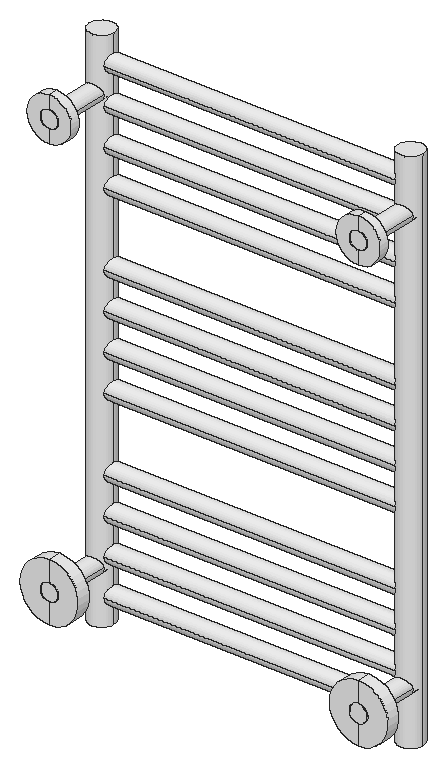
Revit family "ML-3", category Generic Models, host Wall, Revit 2017
Family settings
  Host = Wall
  Can host rebar = No
  Round Connector Dimension = Use Diameter
  Part Type = Normal
  Always vertical = Yes
  Cut with Voids When Loaded = No
  Shared = No
  Room Calculation Point = No
Parameters (values of type "350")
  URL = "http://www.sentakia.com/vesikiertoiset-pyyhekuivaimet/"
  Teho = "kromi: 112 W maalattu: 146 W"
  Sentakia_Material_Default = Stainless Steel, Polished_sentakia
  RAL-väri [instance] = no
  RAL-koodi [instance] = ""
  Model = "ML-3/350"
  Materiaali = "kromattu messinki (CuZn36As)"
  Manufacturer = "Sentakia Oy"
  Leveys = 350 mm
  LVI = "5487500"
  Keynote = "6120"
  Height = 600 mm  # constant formula
  EAN = "4770046008266"
  Depth = 88 mm  # constant formula
  Assembly Code = ""
Types (3, lengths in mm): name | Teho | Model | Leveys | LVI | EAN
  350 | "kromi: 112 W maalattu: 146 W" | "ML-3/350" | 350 | "5487500" | "4770046008266"
  500 | "kromi: 150 W maalattu: 195 W" | "ML-3/500" | 500 | "5487501" | "4770046008273"
  600 | "kromi: 165 W maalattu: 215 W" | "ML-3/600" | 600 | "5487502" | "4770046008280"
Reference planes
  plane 1 "Wall": y = 0
  plane 2 "Center (Left/Right)": x = 125
  plane 3 "Back": y = 75
  plane 4: z = 1860
  plane 5: y = 163
  plane 6: y = 135
  plane 7 "Center of lower handler": z = 1320
  plane 8: z = 1800
  plane 9: z = 1330
  plane 10: z = 1310
  plane 11 "r": x = 300
  plane 12 "l": x = -50
  plane 13: y = 149
  plane 14: y = 159
  plane 15: y = 139
  plane 16 "Tikas 6": z = 1622.308
  plane 17 "Tikas 8": z = 1539.231
  plane 18 "Tikas9": z = 1497.692
  plane 19 "Bottom": z = 1260
  plane 20 "Tikas 7": z = 1580.769
  plane 21 "Tikas 3": z = 1746.923
  plane 22 "Tikas 1": z = 1830
  plane 23 "Tikas 4": z = 1705.385
  plane 24 "Tikas 2": z = 1788.462
  plane 25 "Tikas 5": z = 1663.846
  plane 26 "Tikas10": z = 1456.154
  plane 27 "Tikas 11": z = 1414.615
  plane 28 "Tikas 12": z = 1373.077
  plane 29 "Tikas 13": z = 1331.538
  plane 30 "Tikas 14": z = 1290
Forms (mm)
  Extrusion 1, solid, material "Stainless Steel, Polished_sentakia" <- "Sentakia_Material_Default", detail levels medium+fine
    sketch origin (0, 0, 0) x (1, 0, 0) y (0, 0, 1)
      loop
        circle (300, 1320) r 10
    from -149 to -75
  Extrusion 2, solid, material "Stainless Steel, Polished_sentakia" <- "Sentakia_Material_Default", detail levels medium+fine
    sketch origin (0, 0, 0) x (1, 0, 0) y (0, 0, 1)
      loop
        circle (-50, 1320) r 10
    from -149 to -75
  Extrusion 3, solid, material "Stainless Steel, Polished_sentakia" <- "Sentakia_Material_Default", detail levels medium+fine
    sketch origin (0, 0, 310) x (1, 0, 0) y (0, 0, 1)
      loop
        circle (-50, 1490) r 10
    from -149 to -75
  Extrusion 4, solid, material "Stainless Steel, Polished_sentakia" <- "Sentakia_Material_Default", detail levels medium+fine
    sketch origin (0, 0, 0) x (1, 0, 0) y (0, 1, 0)
      loop
        circle (-50, 149) r 14
    from 1260 to 1860
  Extrusion 5, solid, material "Stainless Steel, Polished_sentakia" <- "Sentakia_Material_Default", detail levels medium+fine
    sketch origin (0, 0, 0) x (1, 0, 0) y (0, 1, 0)
      loop
        circle (300, 149) r 14
    from 1260 to 1860
  Revolve 6, solid, material "Stainless Steel, Polished_sentakia" <- "Sentakia_Material_Default", detail levels medium+fine
    sketch origin (300, 0, 0) x (0, 0, 1) y (0, 1, 0)
      loop
        line (1330, 75.434) -> (1353, 75.434) -> (1353, 90.434) -> (1330, 100.434) -> (1330, 75.434)
      axis (1320, 75.434) -> (1320, 100.434)
    angle from 0 to 360
  Revolve 7, solid, material "Stainless Steel, Polished_sentakia" <- "Sentakia_Material_Default", detail levels medium+fine
    sketch origin (-50, 0, 0) x (0, 0, 1) y (0, 1, 0)
      loop
        line (1330, 75) -> (1353, 75) -> (1353, 90) -> (1330, 100) -> (1330, 75)
      axis (1320, 75) -> (1320, 100)
    angle from 0 to 360
  Extrusion 8, solid, material "Stainless Steel, Polished_sentakia" <- "Sentakia_Material_Default", detail levels medium+fine
    sketch origin (125, 0, 0) x (0, 1, 0) y (0, 0, 1)
      loop
        circle (149, 1622.308) r 10
    from -175 to 175
  Extrusion 9, solid, material "Stainless Steel, Polished_sentakia" <- "Sentakia_Material_Default", detail levels medium+fine
    sketch origin (125, 0, -160) x (0, 1, 0) y (0, 0, 1)
      loop
        circle (149, 1699.231) r 10
    from -175 to 175
  Extrusion 10, solid, material "Stainless Steel, Polished_sentakia" <- "Sentakia_Material_Default", detail levels medium+fine
    sketch origin (125, 0, -320) x (0, 1, 0) y (0, 0, 1)
      loop
        circle (149, 1817.692) r 10
    from -175 to 175
  Revolve 11, solid, material "Stainless Steel, Polished_sentakia" <- "Sentakia_Material_Default", detail levels medium+fine
    sketch origin (300, 0, 0) x (0, 0, 1) y (0, 1, 0)
      loop
        line (1810, 75) -> (1825, 75) -> (1825, 85) -> (1810, 85) -> (1810, 75)
      axis (1800, 75) -> (1800, 85)
    angle from 0 to 360
  Revolve 12, solid, material "Stainless Steel, Polished_sentakia" <- "Sentakia_Material_Default", detail levels medium+fine
    sketch origin (-50, 0, 0) x (0, 0, 1) y (0, 1, 0)
      loop
        line (1810, 75) -> (1825, 75) -> (1825, 85) -> (1810, 85) -> (1810, 75)
      axis (1800, 75) -> (1800, 85)
    angle from 0 to 360
  Extrusion 13, solid, material "Stainless Steel, Polished_sentakia" <- "Sentakia_Material_Default", detail levels medium+fine
    sketch origin (0, 0, 0) x (1, 0, 0) y (0, 0, 1)
      loop
        circle (300, 1800) r 10
    from -149 to -75
  Extrusion 14, solid, material "Stainless Steel, Polished_sentakia" <- "Sentakia_Material_Default", detail levels coarse
    sketch origin (125, 0, 0) x (0, 1, 0) y (0, 0, 1)
      loop
        line (163, 1860) -> (75, 1860) -> (75, 1260) -> (163, 1260) -> (163, 1860)
    from -175 to 175
  Extrusion 15, solid, material "Stainless Steel, Polished_sentakia" <- "Sentakia_Material_Default", detail levels medium+fine
    sketch origin (125, 0, 22.057) x (0, 1, 0) y (0, 0, 1)
      loop
        circle (149, 1558.712) r 10
    from -175 to 175
  Extrusion 16, solid, material "Stainless Steel, Polished_sentakia" <- "Sentakia_Material_Default", detail levels medium+fine
    sketch origin (125, 0, 153.333) x (0, 1, 0) y (0, 0, 1)
      loop
        circle (149, 1593.59) r 10
    from -175 to 175
  Extrusion 17, solid, material "Stainless Steel, Polished_sentakia" <- "Sentakia_Material_Default", detail levels medium+fine
    sketch origin (125, 0, 306.667) x (0, 1, 0) y (0, 0, 1)
      loop
        circle (149, 1523.333) r 10
    from -175 to 175
  Extrusion 18, solid, material "Stainless Steel, Polished_sentakia" <- "Sentakia_Material_Default", detail levels medium+fine
    sketch origin (125, 0, 213.333) x (0, 1, 0) y (0, 0, 1)
      loop
        circle (149, 1575.128) r 10
    from -175 to 175
  Extrusion 19, solid, material "Stainless Steel, Polished_sentakia" <- "Sentakia_Material_Default", detail levels medium+fine
    sketch origin (125, 0, 73.333) x (0, 1, 0) y (0, 0, 1)
      loop
        circle (149, 1632.051) r 10
    from -175 to 175
  Extrusion 20, solid, material "Stainless Steel, Polished_sentakia" <- "Sentakia_Material_Default", detail levels medium+fine
    sketch origin (125, 0, -520) x (0, 1, 0) y (0, 0, 1)
      loop
        circle (149, 1934.615) r 10
    from -175 to 175
  Extrusion 21, solid, material "Stainless Steel, Polished_sentakia" <- "Sentakia_Material_Default", detail levels medium+fine
    sketch origin (125, 0, -550) x (0, 1, 0) y (0, 0, 1)
      loop
        circle (149, 1923.077) r 10
    from -175 to 175
  Extrusion 22, solid, material "Stainless Steel, Polished_sentakia" <- "Sentakia_Material_Default", detail levels medium+fine
    sketch origin (125, 0, -575) x (0, 1, 0) y (0, 0, 1)
      loop
        circle (149, 1906.538) r 10
    from -175 to 175
  Extrusion 23, solid, material "Stainless Steel, Polished_sentakia" <- "Sentakia_Material_Default", detail levels medium+fine
    sketch origin (125, 0, -630) x (0, 1, 0) y (0, 0, 1)
      loop
        circle (149, 1920) r 10
    from -175 to 175
Cuts and joins
  joined: Extrusion 4, Extrusion 5, Extrusion 8, Extrusion 9, Extrusion 10, Extrusion 15, Extrusion 16, Extrusion 17, Extrusion 18, Extrusion 19, Extrusion 20, Extrusion 21, Extrusion 22, Extrusion 23
Text (mm)
  text "Placement Side" at (-1848.837, 1116.779, 0), in view "Ref. Level"
  text "Placement side" at (0, 1409.804, 2854.306), in view "Left"
  text "Placement side" at (0, 499.811, 2980.732), in view "Right"
Dimensions and locks
  locked: plane 3 "Back" to host wall
  "Depth": plane 5 to host wall
  locked: plane 5 to plane 6 at 28
  "Leveys": plane 12 "l" to plane 11 "r"
  plane 8 to level = 1800 mm
  locked: host wall to plane 13 at 74
  locked: plane 14 to plane 15 at 20
  plane 19 "Bottom" to plane 7 "Center of lower handler" = 60 mm
  plane 4 to plane 8 = 60 mm
  plane 8 to plane 7 "Center of lower handler" = 480 mm
  equal spacing: plane 12 "l", plane 2 "Center (Left/Right)", plane 11 "r"
  "Height": plane 19 "Bottom" to plane 4
  equal spacing: plane 30 "Tikas 14", plane 29 "Tikas 13", plane 28 "Tikas 12", plane 27 "Tikas 11", plane 26 "Tikas10", plane 18 "Tikas9", plane 17 "Tikas 8", plane 20 "Tikas 7", plane 16 "Tikas 6", plane 25 "Tikas 5", plane 23 "Tikas 4", plane 21 "Tikas 3", plane 24 "Tikas 2", plane 22 "Tikas 1"
  plane 7 "Center of lower handler" to plane 8 = 480 mm
  locked: plane 19 "Bottom" to plane 7 "Center of lower handler" at 60
  locked: plane 19 "Bottom" to plane 30 "Tikas 14" at 30
  locked: plane 8 to plane 4 at 60
  aligned and locked: plane 1 "Wall" to host wall
  aligned and locked: Extrusion 1 to host wall
  aligned and locked: Extrusion 2 to host wall
  aligned and locked: Extrusion 3 to host wall
  aligned and locked: Extrusion 2 to plane 13
  aligned and locked: Extrusion 1 to Extrusion 2
  aligned and locked: plane 4 to Extrusion 4
  aligned and locked: plane 4 to Extrusion 5
  aligned and locked: plane 12 "l" to Extrusion 8
  aligned and locked: Extrusion 8 to plane 11 "r"
  aligned and locked: Extrusion 10 to plane 11 "r"
  aligned and locked: plane 12 "l" to Extrusion 10
  aligned and locked: Extrusion 9 to plane 11 "r"
  aligned and locked: plane 12 "l" to Extrusion 9
  aligned and locked: Revolve 11 sketch curve to plane 8
  aligned and locked: Revolve 12 sketch curve to plane 8
  aligned and locked: Extrusion 13 to host wall
  aligned and locked: plane 12 "l" to Extrusion 3 sketch curve
  aligned and locked: plane 7 "Center of lower handler" to Revolve 7 sketch curve
  aligned and locked: Revolve 6 sketch curve to plane 7 "Center of lower handler"
  aligned and locked: plane 11 "r" to Extrusion 13 sketch curve
  aligned and locked: plane 8 to Extrusion 13 sketch curve
  aligned and locked: Extrusion 3 to Extrusion 13
  aligned and locked: Extrusion 13 to plane 13
  aligned and locked: plane 3 "Back" to Revolve 7
  aligned and locked: cut or joined group 1 (Extrusion 4, Extrusion 5, Extrusion 8, Extrusion 9, Extrusion 10, Extrusion 15, Extrusion 16, Extrusion 17, Extrusion 18, Extrusion 19, Extrusion 20, Extrusion 21, Extrusion 22, Extrusion 23) to plane 19 "Bottom"  (x2)
  aligned and locked: plane 4 to Extrusion 14
  aligned and locked: Extrusion 14 to cut or joined group 1
  aligned and locked: Extrusion 14 to plane 11 "r"
  aligned and locked: plane 12 "l" to Extrusion 14
  aligned and locked: Extrusion 14 to host wall
  aligned and locked: Extrusion 15 to plane 11 "r"
  aligned and locked: plane 12 "l" to Extrusion 15
  aligned and locked: plane 12 "l" to Extrusion 16
  aligned and locked: Extrusion 16 to plane 11 "r"
  aligned and locked: Extrusion 17 to plane 11 "r"
  aligned and locked: plane 12 "l" to Extrusion 17
  aligned and locked: Extrusion 19 to plane 11 "r"
  aligned and locked: plane 12 "l" to Extrusion 19
  aligned and locked: Extrusion 18 to plane 11 "r"
  aligned and locked: plane 12 "l" to Extrusion 18
  aligned and locked: Extrusion 20 to plane 11 "r"
  aligned and locked: Extrusion 21 to plane 11 "r"
  aligned and locked: Extrusion 22 to plane 11 "r"
  aligned and locked: Extrusion 23 to plane 11 "r"
  aligned and locked: plane 12 "l" to Extrusion 23
  aligned and locked: plane 12 "l" to Extrusion 22
  aligned and locked: plane 12 "l" to Extrusion 21
  aligned and locked: plane 12 "l" to Extrusion 20
Automatic sketch dimensions
  Extrusion 1 sketch curve to plane 7 "Center of lower handler" = 0 mm
  plane 11 "r" to Extrusion 1 sketch curve = 0 mm
  Extrusion 2 sketch curve to plane 7 "Center of lower handler" = 0 mm
  plane 12 "l" to Extrusion 2 sketch curve = 0 mm
  Extrusion 3 sketch curve to plane 8 = 0 mm
  Extrusion 4 sketch curve to plane 12 "l" = 0 mm
  plane 13 to Extrusion 4 sketch curve = 0 mm
  Extrusion 5 sketch curve to plane 11 "r" = 0 mm
  plane 13 to Extrusion 5 sketch curve = 0 mm
  Extrusion 8 sketch curve to plane 13 = 0 mm
  Extrusion 8 sketch curve to plane 16 "Tikas 6" = 0 mm
  Extrusion 9 sketch curve to plane 13 = 0 mm
  Extrusion 9 sketch curve to plane 17 "Tikas 8" = 0 mm
  Extrusion 10 sketch curve to plane 13 = 0 mm
  plane 18 "Tikas9" to Extrusion 10 sketch curve = 0 mm
  Revolve 11 sketch curve to host wall = 0 mm  (x2)
  plane 8 to Revolve 11 sketch curve = 10 mm
  Revolve 11 sketch curve to plane 22 "Tikas 1" = 5 mm
  host wall to Revolve 11 sketch curve = 10 mm
  plane 6 to Revolve 11 sketch curve = 20 mm
  Revolve 12 sketch curve to host wall = 0 mm  (x2)
  Revolve 12 sketch curve to Revolve 12 sketch curve = 10 mm
  Revolve 12 sketch curve to plane 22 "Tikas 1" = 5 mm
  host wall to Revolve 12 sketch curve = 10 mm
  plane 6 to Revolve 12 sketch curve = 20 mm
  Extrusion 14 sketch curve to host wall = 0 mm
  Extrusion 14 sketch curve to plane 5 = 0 mm
  Extrusion 14 sketch curve to plane 19 "Bottom" = 0 mm
  Extrusion 14 sketch curve to plane 4 = 0 mm
  Extrusion 15 sketch curve to plane 13 = 0 mm
  Extrusion 15 sketch curve to plane 20 "Tikas 7" = 0 mm
  Extrusion 16 sketch curve to plane 13 = 0 mm
  Extrusion 16 sketch curve to plane 21 "Tikas 3" = 0 mm
  Extrusion 17 sketch curve to plane 13 = 0 mm
  Extrusion 17 sketch curve to plane 22 "Tikas 1" = 0 mm
  Extrusion 18 sketch curve to plane 13 = 0 mm
  Extrusion 18 sketch curve to plane 24 "Tikas 2" = 0 mm
  Extrusion 19 sketch curve to plane 13 = 0 mm
  Extrusion 19 sketch curve to plane 23 "Tikas 4" = 0 mm
  Extrusion 21 sketch curve to plane 13 = 0 mm
  Extrusion 21 sketch curve to plane 28 "Tikas 12" = 0 mm
  Extrusion 22 sketch curve to plane 13 = 0 mm
  Extrusion 22 sketch curve to plane 29 "Tikas 13" = 0 mm
  Extrusion 23 sketch curve to plane 13 = 0 mm
  Extrusion 23 sketch curve to plane 30 "Tikas 14" = 0 mm
  Extrusion 20 sketch curve to plane 13 = 0 mm
  Extrusion 20 sketch curve to plane 27 "Tikas 11" = 0 mm
  Revolve 7 sketch curve to plane 9 = 0 mm
  Revolve 7 sketch curve to host wall = 0 mm
  Revolve 7 sketch curve to plane 28 "Tikas 12" = 20.077 mm
  host wall to Revolve 7 sketch curve = 15 mm
  Revolve 7 sketch curve to host wall = 0.781 mm
  host wall to Revolve 7 sketch curve = 25 mm
  plane 6 to Revolve 7 sketch curve = 13.43 mm
  Revolve 6 sketch curve to plane 9 = 0 mm
  Revolve 6 sketch curve to plane 28 "Tikas 12" = 20.077 mm
  host wall to Revolve 6 sketch curve = 0.434 mm
  Revolve 6 sketch curve to Revolve 6 sketch curve = 15 mm
  Revolve 6 sketch curve to host wall = 0.781 mm
  Revolve 6 sketch curve to Revolve 6 sketch curve = 25 mm
  plane 6 to Revolve 6 sketch curve = 13.43 mm
  radius of Extrusion 1 sketch curve = 10 mm
  radius of Extrusion 2 sketch curve = 10 mm
  radius of Extrusion 3 sketch curve = 10 mm
  radius of Extrusion 4 sketch curve = 14 mm
  radius of Extrusion 5 sketch curve = 14 mm
  radius of Extrusion 8 sketch curve = 10 mm
  radius of Extrusion 9 sketch curve = 10 mm
  radius of Extrusion 10 sketch curve = 10 mm
  radius of Extrusion 13 sketch curve = 10 mm
  radius of Extrusion 15 sketch curve = 10 mm
  radius of Extrusion 16 sketch curve = 10 mm
  radius of Extrusion 17 sketch curve = 10 mm
  radius of Extrusion 18 sketch curve = 10 mm
  radius of Extrusion 19 sketch curve = 10 mm
  radius of Extrusion 21 sketch curve = 10 mm
  radius of Extrusion 22 sketch curve = 10 mm
  radius of Extrusion 23 sketch curve = 10 mm
  radius of Extrusion 20 sketch curve = 10 mm
Connectors
  piping at (300, 75, 1320), diameter 12
    settings: on Extrusion 1, index 1, connector inside diameter 609.6 mm, connector length 0 mm, flow factor 0, pipe flow 0.0 L/s, pressure drop 0.0 Pa, fitting loss kfactor 0, connector angle 0.00°, fixture units 0, engagement length 0 mm, angle of deflection 0.00°, flow configuration 0, flow direction 0, fitting loss method 0, system type 22, joint type 0, gender type 0, connector reference index -1, connector utility 0, adjustable connector no, is connector primary yes, connector description ""
  piping at (300, 75, 1320), diameter 12
    settings: on Extrusion 1, index 2, connector inside diameter 609.6 mm, connector length 0 mm, flow factor 0, pipe flow 0.0 L/s, pressure drop 0.0 Pa, fitting loss kfactor 0, connector angle 0.00°, fixture units 0, engagement length 0 mm, angle of deflection 0.00°, flow configuration 0, flow direction 0, fitting loss method 0, system type 22, joint type 0, gender type 0, connector reference index -1, connector utility 0, adjustable connector no, is connector primary no, connector description ""
  piping at (-50, 75, 1320), diameter 12
    settings: on Extrusion 2, index 3, connector inside diameter 609.6 mm, connector length 0 mm, flow factor 0, pipe flow 0.0 L/s, pressure drop 0.0 Pa, fitting loss kfactor 0, connector angle 0.00°, fixture units 0, engagement length 0 mm, angle of deflection 0.00°, flow configuration 0, flow direction 0, fitting loss method 0, system type 22, joint type 0, gender type 0, connector reference index -1, connector utility 0, adjustable connector no, is connector primary no, connector description ""
